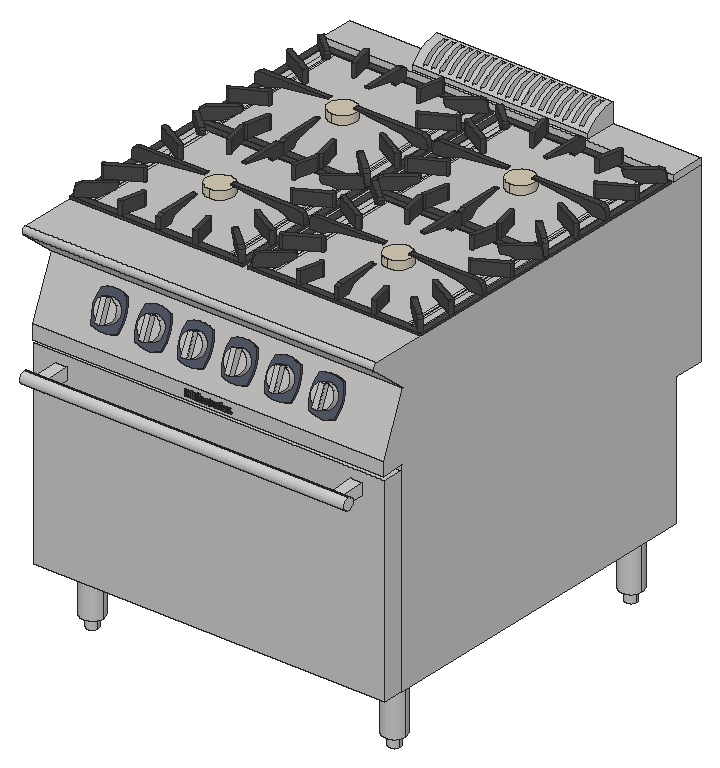
Revit family "QF_ELECTROLUXPROFESSIONAL_391010_E9GCGH4CE0", category Specialty Equipment, Revit 2018
Family settings
  Round Connector Dimension = Use Diameter
  Part Type = Normal
  Work Plane-Based = No
  Always vertical = Yes
  Cut with Voids When Loaded = No
  Shared = No
  Room Calculation Point = No
Parameters
  Weight in Pounds = 115
  Watts = 0 W
  Volts = 400 V
  URL Cutsheet = "www.electrolux.com"
  URL = "www.electrolux.com"
  Type Mark [instance] = ""
  Status [instance] = ""
  Specification by User [instance] = ""
  Specification by Manufacturer = ""
  Show Logo [instance] = yes
  Show Clearance [instance] = yes
  Serial Number = ""
  Seismic Rating = ""
  SMACNA No = ""
  Revision Code [instance] = ""
  Phase = 3
  Omniclass Number and Title = ""
  Number of Poles [instance] = 1
  NAFEM Spec ID Number = ""
  Model = "391010"
  Min Ckt Ampacity = 0 A
  Mechanical Remarks [instance] = ""
  Mechanical Connection Type [instance] = ""
  Max Overcurrent Protection = 0 A
  Masterspec = ""
  Manufacturer = "ELECTROLUX"
  Item Number [instance] = ""
  Installed By [instance] = ""
  Identify Quantity as Lot [instance] = yes
  HP = "8 HP"
  Gas Size = 1/2"
  Gas RI Height [instance] = 0 mm
  Gas KW [instance] = 28
  Gas Input [instance] = 95452.0 Btu/h
  Gas Connection Height = 0 mm
  Furnished By [instance] = ""
  Foodservice Equipment Identifier [instance] = yes
  FL Amps = if(Phase = 3, Watts / (Volts * 1.73), Watts / Volts)  # 0 A
  Electrical Remarks = "400 V/3N ph/50/60 Hz"  # constant formula
  Electric Connection Type [instance] = ""
  Elec Conn RI Height [instance] = 0 mm
  Elec Conn Connection Height [instance] = 0 mm
  Direct Waste Size = 0"
  Description = "900XP 4 GAS BURNERS 6kW ON ELECTRIC OVEN 400V - TEMP 110/285°C"
  Cycle [instance] = if([60 Hertz Option], 60 Hz, 50 Hz)  # 60 Hz
  Conn Plug = ""
  Conn Conduit = yes
  CSI MasterFormat = ""
  CSI Master Format = ""
  Apparent Power = if(Phase = 3, Volts * FL Amps * 1.73, Volts * FL Amps)  # 0 VA
  60 Hertz Option [instance] = not([50 Hertz Option])  # yes
  50 Hertz Option [instance] = no
Reference planes
  plane 1 "BACK": y = 0
  plane 2: z = 0
  plane 3 "LEFT": x = 0
  plane 4 "RIGHT": x = 800.1
  plane 5 "FRONT": y = -930.275
  plane 6 "TOP": z = 909
  plane 7 "Center Y": x = 400.05
  plane 8 "Center X": y = -465.137
  plane 9: z = 150
  plane 10: z = 1397
  plane 11: y = -80.962
  plane 12: z = 851
  plane 13: x = 56
  plane 14: x = 744.1
  plane 15: y = -128
  plane 16: y = -802
  plane 17: y = -1306
  plane 18: y = -900
  plane 19: x = 552.1
  plane 20: x = 757.1
  plane 21: y = -665
Forms (mm)
  Extrusion 1, solid, material "QF_Finishes_Stainless Steel"
    sketch origin (0, 0, 0) x (0, 1, 0) y (0, 0, 1)
      loop
        line (0, 450.037) -> (0, 851) -> (-921.28, 851)
        arc (-921.28, 851) -> (-929.718, 845.109) -> (-927.095, 835.158) r 8.988
        line (-927.095, 835.158) -> (-846.681, 766.933) -> (-902.478, 641.576) -> (-902.478, 610.279) -> (-855.054, 614.975)
        arc (-855.054, 614.975) -> (-852.529, 614.227) -> (-851.437, 611.831) r 3.175
        line (-851.437, 611.831) -> (-851.437, 150) -> (-71.438, 150) -> (-71.438, 450.037) -> (0, 450.037)
    from 0 to 800.1
  Extrusion 2, solid, material "QF_Finishes_Stainless Steel"
    sketch origin (0, 0, 0) x (0, 1, 0) y (0, 0, 1)
      loop
        line (0, 851) -> (0, 865.288) -> (-76.2, 865.288) -> (-76.2, 851) -> (0, 851)
    from 0 to 800.1
  Extrusion 3, void
    sketch origin (-65.011, 0, 865.138) x (-1, 0, 0) y (0, -1, 0)
      loop
        line (-295.005, 6.761) -> (-285.709, 6.761) -> (-285.709, 63.911) -> (-295.005, 63.911) -> (-295.005, 6.761)
      loop
        line (-313.697, 6.761) -> (-304.401, 6.761) -> (-304.401, 63.911) -> (-313.697, 63.911) -> (-313.697, 6.761)
      loop
        line (-332.39, 6.761) -> (-323.094, 6.761) -> (-323.094, 63.911) -> (-332.39, 63.911) -> (-332.39, 6.761)
      loop
        line (-351.082, 6.761) -> (-341.787, 6.761) -> (-341.787, 63.911) -> (-351.082, 63.911) -> (-351.082, 6.761)
      loop
        line (-369.775, 6.761) -> (-360.479, 6.761) -> (-360.479, 63.911) -> (-369.775, 63.911) -> (-369.775, 6.761)
      loop
        line (-388.468, 6.761) -> (-379.172, 6.761) -> (-379.172, 63.911) -> (-388.468, 63.911) -> (-388.468, 6.761)
      loop
        line (-407.16, 6.761) -> (-397.864, 6.761) -> (-397.864, 63.911) -> (-407.16, 63.911) -> (-407.16, 6.761)
      loop
        line (-425.853, 6.761) -> (-416.557, 6.761) -> (-416.557, 63.911) -> (-425.853, 63.911) -> (-425.853, 6.761)
      loop
        line (-444.545, 6.761) -> (-435.25, 6.761) -> (-435.25, 63.911) -> (-444.545, 63.911) -> (-444.545, 6.761)
      loop
        line (-463.238, 6.761) -> (-453.942, 6.761) -> (-453.942, 63.911) -> (-463.238, 63.911) -> (-463.238, 6.761)
      loop
        line (-481.493, 6.761) -> (-472.635, 6.761) -> (-472.635, 63.911) -> (-481.493, 63.911) -> (-481.493, 6.761)
      loop
        line (-500.186, 6.761) -> (-490.89, 6.761) -> (-490.89, 63.911) -> (-500.186, 63.911) -> (-500.186, 6.761)
      loop
        line (-518.878, 6.761) -> (-509.583, 6.761) -> (-509.583, 63.911) -> (-518.878, 63.911) -> (-518.878, 6.761)
      loop
        line (-537.571, 6.761) -> (-528.275, 6.761) -> (-528.275, 63.911) -> (-537.571, 63.911) -> (-537.571, 6.761)
      loop
        line (-556.264, 6.761) -> (-546.968, 6.761) -> (-546.968, 63.911) -> (-556.264, 63.911) -> (-556.264, 6.761)
      loop
        line (-574.956, 6.761) -> (-565.66, 6.761) -> (-565.66, 63.911) -> (-574.956, 63.911) -> (-574.956, 6.761)
      loop
        line (-593.649, 6.761) -> (-584.353, 6.761) -> (-584.353, 63.911) -> (-593.649, 63.911) -> (-593.649, 6.761)
      loop
        line (-612.341, 6.761) -> (-603.046, 6.761) -> (-603.046, 63.911) -> (-612.341, 63.911) -> (-612.341, 6.761)
      loop
        line (-631.034, 6.761) -> (-621.738, 6.761) -> (-621.738, 63.911) -> (-631.034, 63.911) -> (-631.034, 6.761)
      loop
        line (-649.727, 6.761) -> (-640.431, 6.761) -> (-640.431, 63.911) -> (-649.727, 63.911) -> (-649.727, 6.761)
    from 9.525 to 45.348
  Extrusion 4, solid, material "QF_Finishes_Stainless Steel"
    sketch origin (400.05, 175.397, 1219.2) x (0, 1, 0) y (0, 0, 1)
      loop
        line (-175.397, -353.912) -> (-175.397, -310.2)
        arc (-175.397, -310.2) -> (-214.469, -318.821) -> (-245.247, -344.387) r 84.854
        line (-245.247, -344.387) -> (-245.247, -353.912) -> (-175.397, -353.912)
    from -200.05 to 199.95
  Extrusion 5, solid, material "QF_Finishes_Navy Blue"
    sketch origin (0, -879.281, 692.691) x (0, -0.406642, -0.913587) y (1, 0, 0)
      loop
        arc (-53.776, 223.651) -> (-18.194, 216.027) -> (17.514, 223.034) r 90.5
        arc (17.514, 223.034) -> (24.34, 252.222) -> (17.514, 281.409) r 65.817
        arc (17.514, 281.409) -> (-18.193, 288.369) -> (-53.776, 280.797) r 91.066
        arc (-53.776, 280.797) -> (-60.332, 252.224) -> (-53.776, 223.651) r 65.546
      loop
        arc (-53.776, 123.651) -> (-18.194, 116.027) -> (17.514, 123.034) r 90.5
        arc (17.514, 123.034) -> (24.34, 152.222) -> (17.514, 181.409) r 65.817
        arc (17.514, 181.409) -> (-18.193, 188.369) -> (-53.776, 180.797) r 91.066
        arc (-53.776, 180.797) -> (-60.332, 152.224) -> (-53.776, 123.651) r 65.546
      loop
        arc (-53.776, 576.786) -> (-60.332, 548.214) -> (-53.776, 519.641) r 65.546
        arc (-53.776, 519.641) -> (-18.193, 512.068) -> (17.514, 519.028) r 91.066
        arc (17.514, 519.028) -> (24.34, 548.216) -> (17.514, 577.404) r 65.817
        arc (17.514, 577.404) -> (-18.194, 584.411) -> (-53.776, 576.786) r 90.5
      loop
        arc (-53.776, 676.349) -> (-60.237, 647.995) -> (-53.776, 619.641) r 65.451
        arc (-53.776, 619.641) -> (-18.194, 612.032) -> (17.514, 619.025) r 90.665
        arc (17.514, 619.025) -> (24.245, 647.997) -> (17.514, 676.969) r 65.722
        arc (17.514, 676.969) -> (-18.195, 684.01) -> (-53.776, 676.349) r 90.1
      loop
        arc (-53.776, 420.279) -> (-18.194, 412.655) -> (17.514, 419.662) r 90.5
        arc (17.514, 419.662) -> (24.34, 448.849) -> (17.514, 478.037) r 65.817
        arc (17.514, 478.037) -> (-18.193, 484.997) -> (-53.776, 477.424) r 91.066
        arc (-53.776, 477.424) -> (-60.332, 448.852) -> (-53.776, 420.279) r 65.546
      loop
        arc (-53.776, 320.279) -> (-18.194, 312.655) -> (17.514, 319.662) r 90.5
        arc (17.514, 319.662) -> (24.34, 348.849) -> (17.514, 378.037) r 65.817
        arc (17.514, 378.037) -> (-18.193, 384.997) -> (-53.776, 377.424) r 91.066
        arc (-53.776, 377.424) -> (-60.332, 348.852) -> (-53.776, 320.279) r 65.546
    from 0 to 3.175
  Extrusion 6, solid, material "QF_Finishes_Stainless Steel"
    sketch origin (0, -882.182, 693.982) x (0, -0.406642, -0.913587) y (1, 0, 0)
      loop
        circle (-18.131, 252.457) r 25.4
      loop
        circle (-18.131, 152.457) r 25.4
      loop
        circle (-18.131, 547.543) r 25.4
      loop
        circle (-18.131, 647.543) r 25.4
      loop
        circle (-18.131, 349.085) r 25.4
      loop
        circle (-18.131, 449.085) r 25.4
    from 0 to 12.7
  Extrusion 7, solid, material "QF_Finishes_Stainless Steel"
    sketch origin (0, -893.785, 699.146) x (0, -0.406642, -0.913587) y (1, 0, 0)
      loop
        arc (-42.863, 258.243) -> (-43.531, 252.457) -> (-42.863, 246.671) r 25.4
        line (-42.863, 246.671) -> (6.601, 246.671)
        arc (6.601, 246.671) -> (7.269, 252.457) -> (6.601, 258.243) r 25.4
        line (6.601, 258.243) -> (-42.863, 258.243)
      loop
        arc (-42.863, 158.243) -> (-43.531, 152.457) -> (-42.863, 146.671) r 25.4
        line (-42.863, 146.671) -> (6.601, 146.671)
        arc (6.601, 146.671) -> (7.269, 152.457) -> (6.601, 158.243) r 25.4
        line (6.601, 158.243) -> (-42.863, 158.243)
      loop
        arc (-42.863, 553.425) -> (-43.531, 547.639) -> (-42.863, 541.852) r 25.4
        line (-42.863, 541.852) -> (6.601, 541.852)
        arc (6.601, 541.852) -> (7.269, 547.639) -> (6.601, 553.425) r 25.4
        line (6.601, 553.425) -> (-42.863, 553.425)
      loop
        arc (-42.863, 653.425) -> (-43.531, 647.639) -> (-42.863, 641.852) r 25.4
        line (-42.863, 641.852) -> (6.601, 641.852)
        arc (6.601, 641.852) -> (7.269, 647.639) -> (6.601, 653.425) r 25.4
        line (6.601, 653.425) -> (-42.863, 653.425)
      loop
        arc (-42.863, 454.871) -> (-43.531, 449.085) -> (-42.863, 443.299) r 25.4
        line (-42.863, 443.299) -> (6.601, 443.299)
        arc (6.601, 443.299) -> (7.269, 449.085) -> (6.601, 454.871) r 25.4
        line (6.601, 454.871) -> (-42.863, 454.871)
      loop
        arc (-42.863, 354.871) -> (-43.531, 349.085) -> (-42.863, 343.299) r 25.4
        line (-42.863, 343.299) -> (6.601, 343.299)
        arc (6.601, 343.299) -> (7.269, 349.085) -> (6.601, 354.871) r 25.4
        line (6.601, 354.871) -> (-42.863, 354.871)
    from 0 to 12.7
  Extrusion 8, solid, material "QF_Finishes_Navy Blue", visible <- "Show Logo"
    sketch origin (0, -902.478, 610.279) x (0, 0, 1) y (-1, 0, 0)
      loop
        line (21.268, -357.807) -> (8.901, -357.807)
        arc (8.901, -357.807) -> (15.085, -362.379) -> (21.268, -357.807) r 6.467
      loop
        arc (21.268, -357.178) -> (20.099, -352.035) -> (15.443, -349.557) r 6.338
        line (15.443, -349.557) -> (15.443, -351.603)
        arc (15.443, -351.603) -> (16.927, -355.258) -> (20.372, -357.178) r 5.941
        line (20.372, -357.178) -> (21.268, -357.178)
      loop
        arc (9.797, -357.178) -> (13.242, -355.258) -> (14.726, -351.603) r 5.941
        line (14.726, -351.603) -> (14.726, -349.557)
        arc (14.726, -349.557) -> (10.032, -352.031) -> (8.742, -357.178) r 6.504
        line (8.742, -357.178) -> (9.797, -357.178)
      loop
        line (21.943, -349.088) -> (8.198, -349.088) -> (8.198, -362.851) -> (21.943, -362.851) -> (21.943, -349.088)
      loop
        arc (22.026, -365.819) -> (21.679, -365.461) -> (21.312, -365.799) r 0.358
        arc (21.312, -365.799) -> (20.997, -366.549) -> (20.281, -366.934) r 1.216
        line (20.281, -366.934) -> (9.868, -366.934)
        arc (9.868, -366.934) -> (9.208, -366.657) -> (8.812, -366.06) r 1.238
        arc (8.812, -366.06) -> (8.417, -365.809) -> (8.112, -366.163) r 0.358
        line (8.112, -366.163) -> (8.112, -376.042) -> (10.863, -376.042) -> (10.863, -375.145)
        arc (10.863, -375.145) -> (9.954, -374.565) -> (9.498, -373.588) r 1.928
        line (9.498, -373.588) -> (9.498, -371.089)
        arc (9.498, -371.089) -> (9.774, -370.36) -> (10.462, -369.996) r 1.101
        line (10.462, -369.996) -> (14.549, -369.996) -> (14.549, -373.67)
        arc (14.549, -373.67) -> (14.196, -374.167) -> (13.631, -374.395) r 1.083
        arc (13.631, -374.395) -> (13.367, -374.7) -> (13.659, -374.978) r 0.292
        line (13.659, -374.978) -> (16.621, -374.978)
        arc (16.621, -374.978) -> (16.924, -374.705) -> (16.686, -374.375) r 0.305
        arc (16.686, -374.375) -> (16.195, -374.127) -> (15.89, -373.67) r 1.083
        line (15.89, -373.67) -> (15.89, -369.996) -> (20.567, -369.996) -> (20.567, -373.744)
        arc (20.567, -373.744) -> (20.353, -374.499) -> (19.747, -374.997) r 1.314
        arc (19.747, -374.997) -> (19.527, -375.401) -> (19.882, -375.694) r 0.361
        line (19.882, -375.694) -> (22.026, -375.694) -> (22.026, -365.819)
      loop
        arc (21.309, -376.474) -> (20.928, -377.393) -> (20.01, -377.773) r 1.299
        line (20.01, -377.773) -> (10.431, -377.773)
        arc (10.431, -377.773) -> (9.593, -377.395) -> (9.321, -376.517) r 1.118
        line (9.321, -376.517) -> (8.112, -376.517) -> (8.112, -381.867) -> (9.3, -381.867)
        arc (9.3, -381.867) -> (9.572, -380.95) -> (10.442, -380.554) r 1.153
        line (10.442, -380.554) -> (22.514, -380.554) -> (21.309, -376.474)
      loop
        line (13.077, -384.503) -> (13.077, -390.951) -> (13.876, -390.951)
        arc (13.876, -390.951) -> (16.456, -389.966) -> (17.725, -387.513) r 3.874
        line (17.725, -387.513) -> (17.725, -385.752)
        arc (17.725, -385.752) -> (16.538, -382.887) -> (13.674, -381.701) r 4.051
        line (13.674, -381.701) -> (11.666, -381.701)
        arc (11.666, -381.701) -> (8.847, -383.186) -> (7.795, -386.193) r 4.352
        arc (7.795, -386.193) -> (8.16, -388.656) -> (9.537, -390.73) r 5.713
        line (9.537, -390.73) -> (10.486, -390.73)
        arc (10.486, -390.73) -> (9.754, -389.161) -> (9.537, -387.443) r 5.579
        arc (9.537, -387.443) -> (10.331, -385.48) -> (12.21, -384.503) r 3.057
        line (12.21, -384.503) -> (13.077, -384.503)
      loop
        line (14.336, -384.503) -> (14.336, -388.085)
        arc (14.336, -388.085) -> (15.793, -388.133) -> (16.676, -386.973) r 1.59
        line (16.676, -386.973) -> (16.676, -386.143)
        arc (16.676, -386.143) -> (15.811, -384.888) -> (14.336, -384.503) r 2.184
      loop
        arc (17.127, -400.368) -> (17.616, -398.694) -> (17.773, -396.957) r 9.023
        line (17.773, -396.957) -> (17.773, -395.595)
        arc (17.773, -395.595) -> (16.614, -392.795) -> (13.814, -391.636) r 3.959
        line (13.814, -391.636) -> (11.214, -391.636)
        arc (11.214, -391.636) -> (8.932, -392.928) -> (7.815, -395.301) r 4.331
        line (7.815, -395.301) -> (7.815, -397.436)
        arc (7.815, -397.436) -> (8.323, -398.986) -> (9.245, -400.332) r 5.772
        arc (9.245, -400.332) -> (10.006, -400.383) -> (10.093, -399.624) r 0.553
        arc (10.093, -399.624) -> (9.705, -398.89) -> (9.571, -398.071) r 2.573
        line (9.571, -398.071) -> (9.571, -396.556)
        arc (9.571, -396.556) -> (10.577, -394.915) -> (12.392, -394.272) r 2.884
        line (12.392, -394.272) -> (13.67, -394.272)
        arc (13.67, -394.272) -> (15.492, -394.832) -> (16.418, -396.497) r 2.554
        line (16.418, -396.497) -> (16.418, -397.55)
        arc (16.418, -397.55) -> (16.087, -398.478) -> (15.43, -399.213) r 2.564
        arc (15.43, -399.213) -> (15.208, -399.93) -> (15.817, -400.368) r 0.643
        line (15.817, -400.368) -> (17.127, -400.368)
      loop
        line (16.109, -400.638) -> (16.109, -402.139) -> (10.061, -402.139)
        arc (10.061, -402.139) -> (8.473, -402.797) -> (7.815, -404.385) r 2.246
        line (7.815, -404.385) -> (7.815, -405.969)
        arc (7.815, -405.969) -> (8.129, -406.834) -> (8.629, -407.605) r 4.06
        arc (8.629, -407.605) -> (9.362, -407.738) -> (9.613, -407.037) r 0.576
        arc (9.613, -407.037) -> (9.507, -406.512) -> (9.571, -405.979) r 1.69
        arc (9.571, -405.979) -> (10.113, -405.191) -> (11.019, -404.888) r 1.506
        line (11.019, -404.888) -> (16.157, -404.888) -> (16.157, -407.285) -> (16.713, -407.842) -> (17.535, -407.842) -> (17.535, -404.982) -> (20.766, -404.982) -> (16.109, -400.638)
      loop
        line (8.032, -408.739) -> (8.032, -414.126) -> (9.142, -414.126)
        arc (9.142, -414.126) -> (9.536, -413.175) -> (10.487, -412.781) r 1.345
        line (10.487, -412.781) -> (14.103, -412.781)
        arc (14.103, -412.781) -> (14.868, -413.373) -> (15.157, -414.295) r 1.615
        line (15.157, -414.295) -> (15.157, -415.851) -> (17.713, -416.536) -> (17.713, -415.153) -> (15.771, -412.594) -> (17.651, -412.594) -> (17.367, -409.888)
        arc (17.367, -409.888) -> (16.927, -409.358) -> (16.268, -409.559) r 0.621
        arc (16.268, -409.559) -> (15.868, -409.901) -> (15.374, -410.084) r 1.501
        line (15.374, -410.084) -> (10.487, -410.084)
        arc (10.487, -410.084) -> (9.536, -409.69) -> (9.142, -408.739) r 1.345
        line (9.142, -408.739) -> (8.032, -408.739)
      loop
        line (14.134, -416.073) -> (11.442, -416.073)
        arc (11.442, -416.073) -> (8.996, -417.381) -> (7.863, -419.912) r 4.288
        arc (7.863, -419.912) -> (7.799, -421.292) -> (7.863, -422.672) r 15.022
        arc (7.863, -422.672) -> (8.996, -425.203) -> (11.442, -426.51) r 4.288
        line (11.442, -426.51) -> (14.134, -426.51)
        arc (14.134, -426.51) -> (16.579, -425.203) -> (17.713, -422.672) r 4.288
        arc (17.713, -422.672) -> (17.777, -421.292) -> (17.713, -419.912) r 15.022
        arc (17.713, -419.912) -> (16.579, -417.381) -> (14.134, -416.073) r 4.288
      loop
        line (14.339, -419.187) -> (11.237, -419.187)
        arc (11.237, -419.187) -> (9.08, -421.344) -> (11.237, -423.501) r 2.157
        line (11.237, -423.501) -> (14.339, -423.501)
        arc (14.339, -423.501) -> (16.496, -421.344) -> (14.339, -419.187) r 2.157
      loop
        arc (21.32, -426.369) -> (20.949, -427.263) -> (20.055, -427.633) r 1.264
        line (20.055, -427.633) -> (10.191, -427.633)
        arc (10.191, -427.633) -> (9.321, -427.236) -> (9.049, -426.32) r 1.153
        line (9.049, -426.32) -> (8.112, -426.32) -> (8.112, -431.428) -> (9.04, -431.428)
        arc (9.04, -431.428) -> (9.399, -430.656) -> (10.191, -430.341) r 1.153
        line (10.191, -430.341) -> (22.514, -430.341) -> (21.32, -426.369)
      loop
        arc (16.44, -430.966) -> (16.241, -432.03) -> (15.272, -432.512) r 1.215
        line (15.272, -432.512) -> (10.252, -432.512)
        arc (10.252, -432.512) -> (8.637, -433.16) -> (7.916, -434.743) r 2.338
        line (7.916, -434.743) -> (7.916, -436.257)
        arc (7.916, -436.257) -> (8.091, -437.261) -> (8.593, -438.147) r 2.979
        line (8.593, -438.147) -> (8.112, -439.944) -> (8.112, -441.633) -> (17.537, -441.633) -> (17.243, -437.429) -> (16.457, -437.429)
        arc (16.457, -437.429) -> (16.101, -438.265) -> (15.349, -438.774) r 1.605
        line (15.349, -438.774) -> (10.246, -438.774)
        arc (10.246, -438.774) -> (9.826, -437.837) -> (9.753, -436.813) r 2.94
        arc (9.753, -436.813) -> (10.314, -435.712) -> (11.467, -435.269) r 1.724
        line (11.467, -435.269) -> (17.664, -435.269) -> (16.44, -430.966)
      loop
        line (17.468, -442.486) -> (15.796, -444.532) -> (12.622, -446.838) -> (9.166, -443.726)
        arc (9.166, -443.726) -> (8.928, -443.332) -> (8.951, -442.873) r 0.789
        line (8.951, -442.873) -> (8.112, -442.873) -> (8.112, -446.418) -> (8.938, -446.418)
        arc (8.938, -446.418) -> (9.28, -446.056) -> (9.77, -446.148) r 0.52
        line (9.77, -446.148) -> (11.57, -447.619) -> (9.452, -448.995)
        arc (9.452, -448.995) -> (9.051, -448.685) -> (8.964, -448.185) r 0.7
        line (8.964, -448.185) -> (8.112, -448.185) -> (8.112, -454.112) -> (8.998, -454.112)
        arc (8.998, -454.112) -> (9.065, -453.453) -> (9.46, -452.922) r 1.247
        line (9.46, -452.922) -> (13.66, -449.641) -> (16.107, -451.694) -> (17.468, -453.436) -> (17.468, -449.713) -> (15.983, -450.135) -> (14.462, -448.858) -> (16.162, -447.668) -> (17.468, -448.445) -> (17.468, -442.486)
    from 0 to 1.644
  Extrusion 9, solid, material "QF_Finishes_Stainless Steel"
    sketch origin (0, -851.437, 611.831) x (0, 0, -1) y (1, 0, 0)
      loop
        line (461.056, 0) -> (461.056, 800) -> (9.61, 800) -> (9.61, 0) -> (461.056, 0)
    from 3.175 to 48.563
  Extrusion 10, solid, material "QF_Door-Drawer Clearances", visible <- "Show Clearance", detail levels coarse
    sketch origin (800, -851.437, 150.775) x (0, 0, 1) y (0, -1, 0)
      loop
        line (0, 454.563) -> (0, 48.563) -> (451.635, 48.563)
        arc (451.635, 48.563) -> (296.232, 329.892) -> (0, 454.563) r 490.361
    from 0 to -800
  Extrusion 11, solid, material "QF_Clearances", visible <- "Show Clearance", detail levels coarse
    sketch origin (0, 0, 0) x (1, 0, 0) y (0, 1, 0)
      loop
        line (-100.013, -930.275) -> (0, -930.275) -> (0, 0) -> (800.1, 0) -> (800.1, -930.275) -> (900.113, -930.275) -> (900.113, 100.013) -> (-100.013, 100.013) -> (-100.013, -930.275)
    from 0 to 909
  Revolve 12, solid, material "QF_Finishes_Stainless Steel"
    sketch origin (800.1, -128, 611.731) x (0, 0, -1) y (1, 0, 0)
      loop
        line (461.731, -56) -> (611.731, -56) -> (611.731, -43.3) -> (586.331, -43.3) -> (586.331, -30.6) -> (461.731, -30.6) -> (461.731, -56)
      axis (611.731, -56) -> (461.731, -56)
    angle from 0 to 360
  Revolve 13, solid, material "QF_Finishes_Stainless Steel"
    sketch origin (111.125, -128, 611.731) x (0, 0, -1) y (1, 0, 0)
      loop
        line (461.731, -55.125) -> (611.731, -55.125) -> (611.731, -42.425) -> (586.331, -42.425) -> (586.331, -29.725) -> (461.731, -29.725) -> (461.731, -55.125)
      axis (611.731, -55.125) -> (461.731, -55.125)
    angle from 0 to 360
  Revolve 14, solid, material "QF_Finishes_Stainless Steel"
    sketch origin (800.1, -802, 611.731) x (0, 0, -1) y (1, 0, 0)
      loop
        line (461.731, -56) -> (611.731, -56) -> (611.731, -43.3) -> (586.331, -43.3) -> (586.331, -30.6) -> (461.731, -30.6) -> (461.731, -56)
      axis (611.731, -56) -> (461.731, -56)
    angle from 0 to 360
  Revolve 15, solid, material "QF_Finishes_Stainless Steel"
    sketch origin (111.125, -802, 611.731) x (0, 0, -1) y (1, 0, 0)
      loop
        line (461.731, -55.125) -> (611.731, -55.125) -> (611.731, -42.425) -> (586.331, -42.425) -> (586.331, -29.725) -> (461.731, -29.725) -> (461.731, -55.125)
      axis (611.731, -55.125) -> (461.731, -55.125)
    angle from 0 to 360
  Extrusion 16, solid, material "QF_Finishes_Handrails and Railings"
    sketch origin (50.8, -1067.312, 150) x (0, 0, 1) y (0, 1, 0)
      loop
        circle (421.409, 103.146) r 12.7
    from 19.875 to -718.375
  Extrusion 17, solid, material "QF_Finishes_Handrails and Railings"
    sketch origin (800, -1067.312, 150) x (0, 0, 1) y (0, -1, 0)
      loop
        line (430.101, -167.312) -> (427.396, -114.347)
        arc (427.396, -114.347) -> (413.589, -113.153) -> (409.093, -100.044) r 12.7
        arc (409.093, -100.044) -> (408.276, -100.585) -> (407.501, -101.183) r 13.441
        arc (407.501, -101.183) -> (406.055, -102.989) -> (405.435, -105.216) r 5.77
        line (405.435, -105.216) -> (402.092, -167.312) -> (430.101, -167.312)
    from -50.7 to -76.1
  Extrusion 18, solid, material "QF_Finishes_Handrails and Railings"
    sketch origin (0.1, -1067.312, 150) x (0, 0, 1) y (0, 1, 0)
      loop
        line (430.101, 167.312) -> (402.092, 167.312) -> (405.435, 105.216)
        arc (405.435, 105.216) -> (406.055, 102.989) -> (407.501, 101.183) r 5.77
        arc (407.501, 101.183) -> (408.276, 100.585) -> (409.093, 100.044) r 13.441
        arc (409.093, 100.044) -> (413.589, 113.153) -> (427.396, 114.347) r 12.7
        line (427.396, 114.347) -> (430.101, 167.312)
    from -50.7 to -76.1
  Extrusion 19, solid, material "QF_Finishes_Stainless Steel"
    sketch origin (0, -851.437, 150) x (1, 0, 0) y (0, -1, 0)
      loop
        circle (757.1, -91.437) r 12.7
    from 0 to 4
  Extrusion 20, solid, material "QF_Finishes_Stainless Steel"
    sketch origin (0, -851.437, 150) x (1, 0, 0) y (0, -1, 0)
      loop
        circle (749.1, -186.437) r 6.4
    from 0 to 21
  Extrusion 21, solid, material "QF_Finishes_Stainless Steel"
    sketch origin (0, -851.437, 150) x (1, 0, 0) y (0, -1, 0)
      loop
        circle (649.1, -316.437) r 12.7
    from 0 to 3
Cuts and joins
  Extrusion 3 cuts Extrusion 4
Lines and regions (mm)
  Split face 1
    outline origin (0, -846.681, 766.933) x (0, -0.406642, -0.913587) y (1, 0, 0)
      loop
        circle (14.837, 511.387) r 5
  Split face 2
    outline origin (800.1, -846.681, 766.933) x (0, -0.406642, -0.913587) y (1, 0, 0)
      loop
        circle (14.837, -511.387) r 5
  symbolic lines, style "QF_Clearances", visible <- "Show Clearance", detail levels coarse
    curve 1: line (-100.013, -930.275, 0) -> (-100.012, 100.013, 0)
    curve 2: line (-100.013, 100.013, 0) -> (900.113, 100.013, 0)
    curve 3: line (900.113, 100.013, 0) -> (900.113, -929.879, 0)
  symbolic lines
    curve 4: line (0, 0, 0) -> (800.1, 0, 0)
    curve 5: line (800.1, 0, 0) -> (800.1, -930.275, 0)
    curve 6: line (0, -930.275, 0) -> (0, 0, 0)
    curve 7: line (0, -76.2, 0) -> (800.1, -76.2, 0)
    curve 8: line (0, -930.275, 0) -> (800.1, -930.275, 0)
    curve 13: line (50.8, -967.268, 0) -> (50.8, -930.275, 0)
    curve 14: line (50.8, -967.268, 0) -> (76.2, -967.268, 0)
    curve 15: line (76.2, -967.268, 0) -> (76.2, -930.275, 0)
    curve 16: line (30.925, -951.466, 0) -> (30.925, -976.866, 0)
    curve 17: line (30.925, -976.866, 0) -> (769.175, -976.866, 0)
    curve 18: line (769.175, -976.866, 0) -> (769.175, -951.466, 0)
    curve 19: line (769.175, -951.466, 0) -> (749.3, -951.466, 0)
    curve 20: line (749.3, -967.268, 0) -> (749.3, -930.275, 0)
    curve 21: line (723.9, -930.275, 0) -> (723.9, -967.268, 0)
    curve 22: line (723.9, -967.268, 0) -> (749.3, -967.268, 0)
    curve 23: line (76.2, -951.468, 0) -> (723.9, -951.468, 0)
    curve 24: line (200, -69.85, 0) -> (600, -69.85, 0)
    curve 25: line (220.698, -63.911, 0) -> (220.698, -6.761, 0)
    curve 26: line (220.698, -6.761, 0) -> (229.994, -6.761, 0)
    curve 27: line (229.994, -6.761, 0) -> (229.994, -63.911, 0)
    curve 28: line (229.994, -63.911, 0) -> (220.698, -63.911, 0)
    curve 29: line (239.39, -63.911, 0) -> (239.39, -6.761, 0)
    curve 30: line (239.39, -6.761, 0) -> (248.686, -6.761, 0)
    curve 31: line (248.686, -6.761, 0) -> (248.686, -63.911, 0)
    curve 32: line (248.686, -63.911, 0) -> (239.39, -63.911, 0)
    curve 33: line (258.083, -63.911, 0) -> (258.083, -6.761, 0)
    curve 34: line (258.083, -6.761, 0) -> (267.379, -6.761, 0)
    curve 35: line (267.379, -6.761, 0) -> (267.379, -63.911, 0)
    curve 36: line (267.379, -63.911, 0) -> (258.083, -63.911, 0)
    curve 37: line (276.776, -63.911, 0) -> (276.776, -6.761, 0)
    curve 38: line (276.776, -6.761, 0) -> (286.071, -6.761, 0)
    curve 39: line (286.071, -6.761, 0) -> (286.071, -63.911, 0)
    curve 40: line (286.071, -63.911, 0) -> (276.776, -63.911, 0)
    curve 41: line (295.468, -63.911, 0) -> (295.468, -6.761, 0)
    curve 42: line (295.468, -6.761, 0) -> (304.764, -6.761, 0)
    curve 43: line (304.764, -6.761, 0) -> (304.764, -63.911, 0)
    curve 44: line (304.764, -63.911, 0) -> (295.468, -63.911, 0)
    curve 45: line (314.161, -63.911, 0) -> (314.161, -6.761, 0)
    curve 46: line (314.161, -6.761, 0) -> (323.457, -6.761, 0)
    curve 47: line (323.457, -6.761, 0) -> (323.457, -63.911, 0)
    curve 48: line (323.457, -63.911, 0) -> (314.161, -63.911, 0)
    curve 49: line (332.854, -63.911, 0) -> (332.854, -6.761, 0)
    curve 50: line (332.854, -6.761, 0) -> (342.149, -6.761, 0)
    curve 51: line (342.149, -6.761, 0) -> (342.149, -63.911, 0)
    curve 52: line (342.149, -63.911, 0) -> (332.854, -63.911, 0)
    curve 53: line (351.546, -63.911, 0) -> (351.546, -6.761, 0)
    curve 54: line (351.546, -6.761, 0) -> (360.842, -6.761, 0)
    curve 55: line (360.842, -6.761, 0) -> (360.842, -63.911, 0)
    curve 56: line (360.842, -63.911, 0) -> (351.546, -63.911, 0)
    curve 57: line (370.239, -63.911, 0) -> (370.239, -6.761, 0)
    curve 58: line (370.239, -6.761, 0) -> (379.534, -6.761, 0)
    curve 59: line (379.534, -6.761, 0) -> (379.534, -63.911, 0)
    curve 60: line (379.534, -63.911, 0) -> (370.239, -63.911, 0)
    curve 61: line (388.931, -63.911, 0) -> (388.931, -6.761, 0)
    curve 62: line (388.931, -6.761, 0) -> (398.227, -6.761, 0)
    curve 63: line (398.227, -6.761, 0) -> (398.227, -63.911, 0)
    curve 64: line (398.227, -63.911, 0) -> (388.931, -63.911, 0)
    curve 65: line (407.624, -63.911, 0) -> (407.624, -6.761, 0)
    curve 66: line (407.624, -6.761, 0) -> (416.482, -6.761, 0)
    curve 67: line (416.482, -6.761, 0) -> (416.482, -63.911, 0)
    curve 68: line (416.482, -63.911, 0) -> (407.624, -63.911, 0)
    curve 69: line (425.879, -63.911, 0) -> (425.879, -6.761, 0)
    curve 70: line (425.879, -6.761, 0) -> (435.175, -6.761, 0)
    curve 71: line (435.175, -6.761, 0) -> (435.175, -63.911, 0)
    curve 72: line (435.175, -63.911, 0) -> (425.879, -63.911, 0)
    curve 73: line (444.572, -63.911, 0) -> (444.572, -6.761, 0)
    curve 74: line (444.572, -6.761, 0) -> (453.867, -6.761, 0)
    curve 75: line (453.867, -6.761, 0) -> (453.867, -63.911, 0)
    curve 76: line (453.867, -63.911, 0) -> (444.572, -63.911, 0)
    curve 77: line (463.264, -63.911, 0) -> (463.264, -6.761, 0)
    curve 78: line (463.264, -6.761, 0) -> (472.56, -6.761, 0)
    curve 79: line (472.56, -6.761, 0) -> (472.56, -63.911, 0)
    curve 80: line (472.56, -63.911, 0) -> (463.264, -63.911, 0)
    curve 81: line (481.957, -63.911, 0) -> (481.957, -6.761, 0)
    curve 82: line (481.957, -6.761, 0) -> (491.253, -6.761, 0)
    curve 83: line (491.253, -6.761, 0) -> (491.253, -63.911, 0)
    curve 84: line (491.253, -63.911, 0) -> (481.957, -63.911, 0)
    curve 85: line (500.65, -63.911, 0) -> (500.65, -6.761, 0)
    curve 86: line (500.65, -6.761, 0) -> (509.945, -6.761, 0)
    curve 87: line (509.945, -6.761, 0) -> (509.945, -63.911, 0)
    curve 88: line (509.945, -63.911, 0) -> (500.65, -63.911, 0)
    curve 89: line (519.342, -63.911, 0) -> (519.342, -6.761, 0)
    curve 90: line (519.342, -6.761, 0) -> (528.638, -6.761, 0)
    curve 91: line (528.638, -6.761, 0) -> (528.638, -63.911, 0)
    curve 92: line (528.638, -63.911, 0) -> (519.342, -63.911, 0)
    curve 93: line (538.035, -63.911, 0) -> (538.035, -6.761, 0)
    curve 94: line (538.035, -6.761, 0) -> (547.33, -6.761, 0)
    curve 95: line (547.33, -6.761, 0) -> (547.33, -63.911, 0)
    curve 96: line (547.33, -63.911, 0) -> (538.035, -63.911, 0)
    curve 97: line (556.727, -63.911, 0) -> (556.727, -6.761, 0)
    curve 98: line (556.727, -6.761, 0) -> (566.023, -6.761, 0)
    curve 99: line (566.023, -6.761, 0) -> (566.023, -63.911, 0)
    curve 100: line (566.023, -63.911, 0) -> (556.727, -63.911, 0)
    curve 101: line (575.42, -63.911, 0) -> (575.42, -6.761, 0)
    curve 102: line (575.42, -6.761, 0) -> (584.716, -6.761, 0)
    curve 103: line (584.716, -6.761, 0) -> (584.716, -63.911, 0)
    curve 104: line (584.716, -63.911, 0) -> (575.42, -63.911, 0)
    curve 105: line (600, -69.85, 0) -> (600, 0, 0)
    curve 106: line (200, 0, 0) -> (200, -69.85, 0)
  symbolic lines, style "QF_Door-Drawer Clearances"
    curve 9: line (800.1, -930.275, 0) -> (800.1, -1306, 0)
    curve 10: line (800.1, -1306, 0) -> (0, -1306, 0)
    curve 11: line (0, -930.275, 0) -> (0, -1306, 0)
  symbolic lines, style "SpecialityEquipment"
    curve 12: line (30.925, -951.466, 0) -> (50.8, -951.466, 0)
Dimensions and locks
  equal spacing: plane 3 "LEFT", plane 7 "Center Y", plane 4 "RIGHT"
  plane 3 "LEFT" to plane 4 "RIGHT" = 800.1 mm
  equal spacing: plane 5 "FRONT", plane 8 "Center X", plane 1 "BACK"
  plane 5 "FRONT" to plane 1 "BACK" = 930.275 mm  (x3)
  plane 6 "TOP" to plane 2 = 909 mm
  plane 9 to plane 2 = 150 mm
  plane 10 to plane 2 = 1397 mm
  plane 6 "TOP" to plane 12 = 58 mm  (x2)
  plane 12 to plane 2 = 851 mm
  plane 3 "LEFT" to plane 13 = 56 mm
  plane 4 "RIGHT" to plane 14 = 56 mm
  plane 15 to plane 1 "BACK" = 128 mm
  plane 16 to plane 15 = 674 mm
  Extrusion 1 sketch curve to plane 1 "BACK" = 71.438 mm
  Extrusion 1 sketch curve to plane 9 = 300.037 mm
  plane 17 to plane 1 "BACK" = 1306 mm
  plane 18 to plane 1 "BACK" = 900 mm
  plane 18 to plane 16 = 98 mm
  plane 9 to Extrusion 1 = 300.037 mm
  plane 4 "RIGHT" to plane 19 = 248 mm
  plane 4 "RIGHT" to plane 20 = 43 mm
  plane 13 to plane 14 = 688.1 mm
  plane 21 to plane 1 "BACK" = 665 mm
  Extrusion 19 sketch curve to plane 4 "RIGHT" = 43 mm
  Extrusion 19 sketch curve to plane 1 "BACK" = 760 mm
  plane 2 to Extrusion 20 = 129 mm
  aligned and locked: level to plane 2
  aligned and locked: Extrusion 1 to plane 4 "RIGHT"
  aligned and locked: Extrusion 2 to plane 4 "RIGHT"
  aligned and locked: Extrusion 10 to Extrusion 9
  aligned and locked: plane 6 "TOP" to Extrusion 11
Automatic sketch dimensions
  Extrusion 2 sketch curve to plane 12 = 0 mm
  Extrusion 2 sketch curve to plane 1 "BACK" = 0 mm
  plane 11 to Extrusion 2 sketch curve = 4.763 mm
  plane 12 to Extrusion 2 sketch curve = 14.288 mm
  plane 19 to Extrusion 3 sketch curve = 32.616 mm
  Extrusion 3 sketch curve to Extrusion 3 sketch curve = 9.296 mm  (x18)
  Extrusion 3 sketch curve to Extrusion 3 sketch curve = 9.397 mm  (x17)
  plane 19 to Extrusion 3 sketch curve = 4.627 mm
  Extrusion 3 sketch curve to plane 19 = 4.77 mm
  plane 7 "Center Y" to Extrusion 3 sketch curve = 7.574 mm
  Extrusion 3 sketch curve to plane 7 "Center Y" = 1.823 mm
  plane 1 "BACK" to Extrusion 3 sketch curve = 6.761 mm  (x20)
  plane 11 to Extrusion 3 sketch curve = 17.052 mm  (x20)
  Extrusion 4 sketch curve to plane 1 "BACK" = 0 mm
  Extrusion 4 sketch curve to plane 6 "TOP" = 0 mm
  plane 1 "BACK" to Extrusion 4 sketch curve = 1.769 mm
  plane 11 to Extrusion 4 sketch curve = 11.113 mm
  Extrusion 4 sketch curve to plane 6 "TOP" = 34.187 mm
  Extrusion 4 sketch curve to Extrusion 4 sketch curve = 9.525 mm
  plane 19 to Extrusion 5 sketch curve = 67.541 mm
  Extrusion 5 sketch curve to plane 13 = 167.651 mm
  Extrusion 5 sketch curve to Extrusion 5 sketch curve = 0 mm  (x16)
  Extrusion 5 sketch curve to plane 7 "Center Y" = 22.626 mm
  Extrusion 5 sketch curve to plane 19 = 32.459 mm
  plane 7 "Center Y" to Extrusion 5 sketch curve = 20.229 mm
  plane 19 to Extrusion 5 sketch curve = 24.686 mm
  Extrusion 5 sketch curve to Extrusion 5 sketch curve = 12.3 mm  (x18)
  Extrusion 5 sketch curve to plane 19 = 3.884 mm
  Extrusion 5 sketch curve to Extrusion 5 sketch curve = 36.365 mm  (x7)
  plane 7 "Center Y" to Extrusion 5 sketch curve = 3.101 mm
  Extrusion 5 sketch curve to plane 7 "Center Y" = 6.115 mm
  Extrusion 5 sketch curve to Extrusion 5 sketch curve = 46.691 mm  (x6)
  plane 7 "Center Y" to Extrusion 5 sketch curve = 19.612 mm
  Extrusion 5 sketch curve to plane 7 "Center Y" = 22.013 mm
  Extrusion 5 sketch curve to Extrusion 5 sketch curve = 0.617 mm
  Extrusion 5 sketch curve to Extrusion 5 sketch curve = 16.51 mm  (x2)
  Extrusion 5 sketch curve to Extrusion 5 sketch curve = 9.217 mm  (x2)
  Extrusion 5 sketch curve to Extrusion 5 sketch curve = 15.898 mm
  Extrusion 5 sketch curve to Extrusion 5 sketch curve = 29.185 mm
  Extrusion 5 sketch curve to Extrusion 5 sketch curve = 28.57 mm  (x2)
  Extrusion 5 sketch curve to Extrusion 5 sketch curve = 13.138 mm
  Extrusion 5 sketch curve to Extrusion 5 sketch curve = 9.238 mm
  Extrusion 5 sketch curve to Extrusion 5 sketch curve = 15.894 mm
  Extrusion 5 sketch curve to Extrusion 5 sketch curve = 28.97 mm
  Extrusion 6 sketch curve to Extrusion 6 sketch curve = 0 mm  (x5)
  Extrusion 6 sketch curve to Extrusion 6 sketch curve = 100 mm  (x3)
  Extrusion 6 sketch curve to Extrusion 6 sketch curve = 96.628 mm
  Extrusion 6 sketch curve to Extrusion 6 sketch curve = 98.458 mm
  Extrusion 7 sketch curve to Extrusion 7 sketch curve = 0 mm  (x12)
  Extrusion 7 sketch curve to Extrusion 7 sketch curve = 24.732 mm  (x8)
  Extrusion 7 sketch curve to Extrusion 7 sketch curve = 86.982 mm
  Extrusion 7 sketch curve to Extrusion 7 sketch curve = 5.786 mm  (x2)
  Extrusion 7 sketch curve to Extrusion 7 sketch curve = 88.428 mm
  Extrusion 8 sketch curve to Extrusion 1 = 2.755 mm
  Extrusion 8 sketch curve to Extrusion 1 = 7.795 mm
  Extrusion 8 sketch curve to Extrusion 1 = 7.815 mm  (x2)
  Extrusion 8 sketch curve to Extrusion 8 sketch curve = 5.108 mm  (x2)
  Extrusion 8 sketch curve to Extrusion 8 sketch curve = 0 mm  (x27)
  Extrusion 8 sketch curve to Extrusion 1 = 7.916 mm
  Extrusion 8 sketch curve to Extrusion 8 sketch curve = 0.218 mm
  Extrusion 8 sketch curve to Extrusion 8 sketch curve = 0.195 mm
  Extrusion 8 sketch curve to Extrusion 8 sketch curve = 0.249 mm
  Extrusion 8 sketch curve to Extrusion 1 = 8.112 mm
  Extrusion 8 sketch curve to Extrusion 8 sketch curve = 0.087 mm
  Extrusion 8 sketch curve to Extrusion 8 sketch curve = 0.358 mm
  Extrusion 8 sketch curve to Extrusion 8 sketch curve = 0.481 mm
  Extrusion 8 sketch curve to Extrusion 8 sketch curve = 0.597 mm
  Extrusion 8 sketch curve to Extrusion 8 sketch curve = 0.544 mm
  Extrusion 8 sketch curve to Extrusion 8 sketch curve = 0.936 mm
  Extrusion 8 sketch curve to Extrusion 8 sketch curve = 0.594 mm
  Extrusion 8 sketch curve to Extrusion 8 sketch curve = 0.343 mm
  Extrusion 8 sketch curve to Extrusion 8 sketch curve = 0.159 mm
  Extrusion 8 sketch curve to Extrusion 8 sketch curve = 0.826 mm
  Extrusion 8 sketch curve to Extrusion 8 sketch curve = 0.839 mm
  Extrusion 8 sketch curve to Extrusion 8 sketch curve = 0.852 mm
  Extrusion 8 sketch curve to Extrusion 8 sketch curve = 0.887 mm
  Extrusion 8 sketch curve to Extrusion 8 sketch curve = 0.928 mm
  Extrusion 8 sketch curve to Extrusion 8 sketch curve = 0.938 mm
  Extrusion 8 sketch curve to Extrusion 8 sketch curve = 0.444 mm
  Extrusion 8 sketch curve to Extrusion 8 sketch curve = 1.11 mm  (x3)
  Extrusion 8 sketch curve to Extrusion 8 sketch curve = 0.215 mm
  Extrusion 8 sketch curve to Extrusion 8 sketch curve = 1.43 mm
  Extrusion 8 sketch curve to Extrusion 8 sketch curve = 1.188 mm
  Extrusion 8 sketch curve to Extrusion 8 sketch curve = 1.21 mm  (x2)
  Extrusion 8 sketch curve to Extrusion 8 sketch curve = 0.503 mm
  Extrusion 8 sketch curve to Extrusion 8 sketch curve = 0.488 mm
  Extrusion 8 sketch curve to Extrusion 8 sketch curve = 0.462 mm
  Extrusion 8 sketch curve to Extrusion 8 sketch curve = 1.386 mm
  Extrusion 8 sketch curve to Extrusion 8 sketch curve = 1.742 mm  (x2)
  Extrusion 8 sketch curve to Extrusion 8 sketch curve = 0.821 mm
  Extrusion 8 sketch curve to Extrusion 8 sketch curve = 0.497 mm
  Extrusion 8 sketch curve to Extrusion 8 sketch curve = 0.539 mm
  Extrusion 8 sketch curve to Extrusion 8 sketch curve = 0.199 mm
  Extrusion 8 sketch curve to Extrusion 8 sketch curve = 0.408 mm
  Extrusion 8 sketch curve to Extrusion 8 sketch curve = 0.743 mm
  Extrusion 8 sketch curve to Extrusion 8 sketch curve = 1.16 mm
  Extrusion 8 sketch curve to Extrusion 8 sketch curve = 0.329 mm
  Extrusion 8 sketch curve to Extrusion 8 sketch curve = 1.054 mm
  Extrusion 8 sketch curve to Extrusion 8 sketch curve = 1.056 mm
  Extrusion 8 sketch curve to Extrusion 8 sketch curve = 0.129 mm
  Extrusion 8 sketch curve to Extrusion 8 sketch curve = 0.489 mm
  Extrusion 8 sketch curve to Extrusion 8 sketch curve = 0.441 mm
  Extrusion 8 sketch curve to Extrusion 8 sketch curve = 1.151 mm
  Extrusion 8 sketch curve to Extrusion 8 sketch curve = 1.141 mm  (x2)
  Extrusion 8 sketch curve to Extrusion 8 sketch curve = 0.768 mm
  Extrusion 8 sketch curve to Extrusion 8 sketch curve = 1.653 mm
  Extrusion 8 sketch curve to Extrusion 8 sketch curve = 0.499 mm
  Extrusion 8 sketch curve to Extrusion 8 sketch curve = 0.964 mm
  Extrusion 8 sketch curve to Extrusion 8 sketch curve = 0.949 mm
  Extrusion 8 sketch curve to Extrusion 8 sketch curve = 1.345 mm  (x3)
  Extrusion 8 sketch curve to Extrusion 8 sketch curve = 1.101 mm
  Extrusion 8 sketch curve to Extrusion 8 sketch curve = 0.432 mm
  Extrusion 8 sketch curve to Extrusion 8 sketch curve = 1.142 mm
  Extrusion 8 sketch curve to Extrusion 8 sketch curve = 0.959 mm
  Extrusion 8 sketch curve to Extrusion 8 sketch curve = 0.176 mm
  Extrusion 8 sketch curve to Extrusion 8 sketch curve = 0.728 mm
  Extrusion 8 sketch curve to Extrusion 8 sketch curve = 3.375 mm  (x2)
  Extrusion 8 sketch curve to Extrusion 8 sketch curve = 0.541 mm
  Extrusion 8 sketch curve to Extrusion 8 sketch curve = 0.955 mm
  Extrusion 8 sketch curve to Extrusion 8 sketch curve = 1.251 mm
  Extrusion 8 sketch curve to Extrusion 8 sketch curve = 0.572 mm
  Extrusion 8 sketch curve to Extrusion 8 sketch curve = 1.92 mm
  Extrusion 8 sketch curve to Extrusion 8 sketch curve = 1.224 mm
  Extrusion 8 sketch curve to Extrusion 8 sketch curve = 0.745 mm
  Extrusion 8 sketch curve to Extrusion 8 sketch curve = 2.537 mm
  Extrusion 8 sketch curve to Extrusion 8 sketch curve = 0.896 mm  (x3)
  Extrusion 8 sketch curve to Extrusion 8 sketch curve = 0.036 mm
  Extrusion 8 sketch curve to Extrusion 8 sketch curve = 2.607 mm
  Extrusion 8 sketch curve to Extrusion 8 sketch curve = 0.066 mm
  Extrusion 8 sketch curve to Extrusion 8 sketch curve = 0.248 mm
  Extrusion 8 sketch curve to Extrusion 8 sketch curve = 0.449 mm
  Extrusion 8 sketch curve to Extrusion 8 sketch curve = 1.052 mm
  Extrusion 8 sketch curve to Extrusion 8 sketch curve = 1.863 mm
  Extrusion 8 sketch curve to Extrusion 8 sketch curve = 1.31 mm  (x2)
  Extrusion 8 sketch curve to Extrusion 8 sketch curve = 0.901 mm
  Extrusion 8 sketch curve to Extrusion 8 sketch curve = 1.107 mm
  Extrusion 8 sketch curve to Extrusion 8 sketch curve = 2.122 mm
  Extrusion 8 sketch curve to Extrusion 8 sketch curve = 2.101 mm
  Extrusion 8 sketch curve to Extrusion 8 sketch curve = 0.106 mm
  Extrusion 8 sketch curve to Extrusion 8 sketch curve = 0.029 mm
  Extrusion 8 sketch curve to Extrusion 8 sketch curve = 2.09 mm
  Extrusion 8 sketch curve to Extrusion 8 sketch curve = 1.279 mm
  Extrusion 8 sketch curve to Extrusion 8 sketch curve = 2.008 mm
  Extrusion 8 sketch curve to Extrusion 8 sketch curve = 0.738 mm
  Extrusion 8 sketch curve to Extrusion 8 sketch curve = 0.382 mm
  Extrusion 8 sketch curve to Extrusion 8 sketch curve = 0.384 mm
  Extrusion 8 sketch curve to Extrusion 8 sketch curve = 0.002 mm
  Extrusion 8 sketch curve to Extrusion 8 sketch curve = 0.561 mm
  Extrusion 8 sketch curve to Extrusion 8 sketch curve = 0.592 mm
  Extrusion 8 sketch curve to Extrusion 8 sketch curve = 2.692 mm
  Extrusion 8 sketch curve to Extrusion 8 sketch curve = 1.259 mm
  Extrusion 8 sketch curve to Extrusion 8 sketch curve = 0.802 mm
  Extrusion 8 sketch curve to Extrusion 8 sketch curve = 1.024 mm  (x2)
  Extrusion 8 sketch curve to Extrusion 8 sketch curve = 0.682 mm
  Extrusion 8 sketch curve to Extrusion 8 sketch curve = 5.934 mm
  Extrusion 8 sketch curve to Extrusion 8 sketch curve = 2.186 mm
  Extrusion 8 sketch curve to Extrusion 8 sketch curve = 0.337 mm
  Extrusion 8 sketch curve to Extrusion 8 sketch curve = 0.021 mm
  Extrusion 8 sketch curve to Extrusion 8 sketch curve = 1.005 mm
  Extrusion 8 sketch curve to Extrusion 8 sketch curve = 0.552 mm
  Extrusion 8 sketch curve to Extrusion 8 sketch curve = 0.778 mm
  Extrusion 8 sketch curve to Extrusion 8 sketch curve = 0.063 mm
  Extrusion 8 sketch curve to Extrusion 8 sketch curve = 1.023 mm
  Extrusion 8 sketch curve to Extrusion 8 sketch curve = 3.804 mm
  Extrusion 8 sketch curve to Extrusion 8 sketch curve = 0.486 mm
  Extrusion 8 sketch curve to Extrusion 8 sketch curve = 0.266 mm
  Extrusion 8 sketch curve to Extrusion 8 sketch curve = 1.547 mm
  Extrusion 8 sketch curve to Extrusion 8 sketch curve = 0.717 mm  (x2)
  Extrusion 8 sketch curve to Extrusion 8 sketch curve = 1.667 mm
  Extrusion 8 sketch curve to Extrusion 8 sketch curve = 3.174 mm
  Extrusion 8 sketch curve to Extrusion 8 sketch curve = 0.388 mm
  Extrusion 8 sketch curve to Extrusion 8 sketch curve = 1.342 mm
  Extrusion 8 sketch curve to Extrusion 8 sketch curve = 1.521 mm
  Extrusion 8 sketch curve to Extrusion 8 sketch curve = 0.124 mm
  Extrusion 8 sketch curve to Extrusion 8 sketch curve = 0.291 mm
  Extrusion 8 sketch curve to Extrusion 8 sketch curve = 1.049 mm  (x2)
  Extrusion 8 sketch curve to Extrusion 8 sketch curve = 1.7 mm
  Extrusion 8 sketch curve to Extrusion 8 sketch curve = 0.894 mm
  Extrusion 8 sketch curve to Extrusion 8 sketch curve = 0.989 mm
  Extrusion 8 sketch curve to Extrusion 8 sketch curve = 1.168 mm
  Extrusion 8 sketch curve to Extrusion 8 sketch curve = 1.594 mm
  Extrusion 8 sketch curve to Extrusion 8 sketch curve = 0.731 mm
  Extrusion 8 sketch curve to Extrusion 8 sketch curve = 1.566 mm
  Extrusion 8 sketch curve to Extrusion 8 sketch curve = 0.064 mm
  Extrusion 8 sketch curve to Extrusion 8 sketch curve = 0.556 mm  (x2)
  Extrusion 8 sketch curve to Extrusion 8 sketch curve = 0.48 mm
  Extrusion 8 sketch curve to Extrusion 8 sketch curve = 1.018 mm
  Extrusion 8 sketch curve to Extrusion 8 sketch curve = 0.787 mm
  Extrusion 8 sketch curve to Extrusion 8 sketch curve = 0.618 mm
  Extrusion 8 sketch curve to Extrusion 8 sketch curve = 1.672 mm
  Extrusion 8 sketch curve to Extrusion 8 sketch curve = 1.361 mm
  Extrusion 8 sketch curve to Extrusion 8 sketch curve = 0.822 mm
  Extrusion 8 sketch curve to Extrusion 8 sketch curve = 0.069 mm
  Extrusion 8 sketch curve to Extrusion 8 sketch curve = 1.88 mm
  Extrusion 8 sketch curve to Extrusion 8 sketch curve = 0.42 mm
  Extrusion 8 sketch curve to Extrusion 8 sketch curve = 0.062 mm
  Extrusion 8 sketch curve to Extrusion 8 sketch curve = 1.355 mm
  Extrusion 8 sketch curve to Extrusion 8 sketch curve = 2.34 mm
  Extrusion 8 sketch curve to Extrusion 8 sketch curve = 0.493 mm
  Extrusion 8 sketch curve to Extrusion 8 sketch curve = 0.136 mm
  Extrusion 8 sketch curve to Extrusion 8 sketch curve = 0.128 mm
  Extrusion 8 sketch curve to Extrusion 8 sketch curve = 3.616 mm
  Extrusion 8 sketch curve to Extrusion 8 sketch curve = 4.207 mm
  Extrusion 8 sketch curve to Extrusion 8 sketch curve = 0.183 mm
  Extrusion 8 sketch curve to Extrusion 8 sketch curve = 0.895 mm
  Extrusion 8 sketch curve to Extrusion 8 sketch curve = 1.314 mm
  Extrusion 8 sketch curve to Extrusion 8 sketch curve = 3.231 mm
  Extrusion 8 sketch curve to Extrusion 8 sketch curve = 1.299 mm
  Extrusion 8 sketch curve to Extrusion 8 sketch curve = 1.214 mm
  Extrusion 8 sketch curve to Extrusion 8 sketch curve = 1.264 mm
  Extrusion 8 sketch curve to Extrusion 8 sketch curve = 0.109 mm
  Extrusion 8 sketch curve to Extrusion 8 sketch curve = 0.357 mm
  Extrusion 8 sketch curve to Extrusion 8 sketch curve = 0.565 mm
  Extrusion 8 sketch curve to Extrusion 8 sketch curve = 2.504 mm
  Extrusion 8 sketch curve to Extrusion 8 sketch curve = 2.459 mm
  Extrusion 1 to Extrusion 8 sketch curve = 345.988 mm
  Extrusion 8 sketch curve to Extrusion 8 sketch curve = 0.208 mm
  Extrusion 8 sketch curve to Extrusion 8 sketch curve = 0.468 mm  (x2)
  Extrusion 8 sketch curve to Extrusion 8 sketch curve = 1.559 mm
  Extrusion 8 sketch curve to Extrusion 8 sketch curve = 0.422 mm  (x2)
  Extrusion 8 sketch curve to Extrusion 8 sketch curve = 0.494 mm
  Extrusion 8 sketch curve to Extrusion 8 sketch curve = 3.927 mm
  Extrusion 8 sketch curve to Extrusion 8 sketch curve = 0.782 mm
  Extrusion 8 sketch curve to Extrusion 8 sketch curve = 1.268 mm
  Extrusion 8 sketch curve to Extrusion 8 sketch curve = 0.671 mm
  Extrusion 8 sketch curve to Extrusion 8 sketch curve = 0.777 mm
  Extrusion 8 sketch curve to Extrusion 8 sketch curve = 0.704 mm
  Extrusion 8 sketch curve to Extrusion 8 sketch curve = 0.781 mm  (x2)
  Extrusion 8 sketch curve to Extrusion 8 sketch curve = 1.634 mm
  Extrusion 8 sketch curve to Extrusion 8 sketch curve = 0.132 mm
  Extrusion 8 sketch curve to Extrusion 8 sketch curve = 3.136 mm
  Extrusion 8 sketch curve to Extrusion 8 sketch curve = 2.422 mm
  Extrusion 8 sketch curve to Extrusion 8 sketch curve = 0.586 mm
  Extrusion 8 sketch curve to Extrusion 8 sketch curve = 2.046 mm  (x2)
  Extrusion 8 sketch curve to Extrusion 8 sketch curve = 1.241 mm
  Extrusion 8 sketch curve to Extrusion 8 sketch curve = 1.689 mm
  Extrusion 8 sketch curve to Extrusion 8 sketch curve = 2.859 mm
  Extrusion 8 sketch curve to Extrusion 8 sketch curve = 0.627 mm
  Extrusion 8 sketch curve to Extrusion 8 sketch curve = 0.863 mm
  Extrusion 8 sketch curve to Extrusion 8 sketch curve = 0.419 mm
  Extrusion 8 sketch curve to Extrusion 8 sketch curve = 1.514 mm
  Extrusion 8 sketch curve to Extrusion 8 sketch curve = 1.019 mm
  Extrusion 8 sketch curve to Extrusion 8 sketch curve = 0.065 mm
  Extrusion 8 sketch curve to Extrusion 8 sketch curve = 1.215 mm
  Extrusion 8 sketch curve to Extrusion 8 sketch curve = 2.708 mm
  Extrusion 8 sketch curve to Extrusion 8 sketch curve = 1.122 mm
  Extrusion 8 sketch curve to Extrusion 8 sketch curve = 1.153 mm
  Extrusion 8 sketch curve to Extrusion 8 sketch curve = 3.009 mm
  Extrusion 8 sketch curve to Extrusion 8 sketch curve = 0.829 mm  (x2)
  Extrusion 8 sketch curve to Extrusion 8 sketch curve = 0.934 mm
  Extrusion 8 sketch curve to Extrusion 8 sketch curve = 3.376 mm
  Extrusion 8 sketch curve to Extrusion 8 sketch curve = 0.222 mm
  Extrusion 8 sketch curve to Extrusion 8 sketch curve = 1.383 mm
  Extrusion 8 sketch curve to Extrusion 8 sketch curve = 1.556 mm
  Extrusion 8 sketch curve to Extrusion 8 sketch curve = 2.559 mm
  Extrusion 8 sketch curve to Extrusion 8 sketch curve = 2.51 mm
  Extrusion 8 sketch curve to Extrusion 8 sketch curve = 0.131 mm
  Extrusion 8 sketch curve to Extrusion 8 sketch curve = 1.717 mm
  Extrusion 8 sketch curve to Extrusion 8 sketch curve = 1.134 mm
  Extrusion 8 sketch curve to Extrusion 8 sketch curve = 0.366 mm
  Extrusion 8 sketch curve to Extrusion 8 sketch curve = 0.094 mm
  Extrusion 8 sketch curve to Extrusion 8 sketch curve = 1.584 mm
  Extrusion 8 sketch curve to Extrusion 8 sketch curve = 1.501 mm
  Extrusion 8 sketch curve to Extrusion 8 sketch curve = 0.27 mm
  Extrusion 8 sketch curve to Extrusion 8 sketch curve = 1.808 mm
  Extrusion 8 sketch curve to Extrusion 8 sketch curve = 0.643 mm
  Extrusion 8 sketch curve to Extrusion 8 sketch curve = 0.916 mm
  Extrusion 8 sketch curve to Extrusion 8 sketch curve = 0.352 mm
  Extrusion 8 sketch curve to Extrusion 8 sketch curve = 0.458 mm
  Extrusion 8 sketch curve to Extrusion 8 sketch curve = 1.282 mm
  Extrusion 8 sketch curve to Extrusion 8 sketch curve = 1.363 mm
  Extrusion 8 sketch curve to Extrusion 8 sketch curve = 0.685 mm
  Extrusion 8 sketch curve to Extrusion 8 sketch curve = 0.905 mm
  Extrusion 8 sketch curve to Extrusion 8 sketch curve = 2.865 mm
  Extrusion 8 sketch curve to Extrusion 8 sketch curve = 0.472 mm
  Extrusion 8 sketch curve to Extrusion 8 sketch curve = 0.101 mm
  Extrusion 8 sketch curve to Extrusion 8 sketch curve = 0.54 mm
  Extrusion 8 sketch curve to Extrusion 8 sketch curve = 0.02 mm
  Extrusion 8 sketch curve to Extrusion 8 sketch curve = 0.582 mm
  Extrusion 8 sketch curve to Extrusion 8 sketch curve = 0.166 mm
  Extrusion 8 sketch curve to Extrusion 8 sketch curve = 0.16 mm
  Extrusion 8 sketch curve to Extrusion 8 sketch curve = 2.781 mm
  Extrusion 8 sketch curve to Extrusion 8 sketch curve = 1.118 mm
  Extrusion 8 sketch curve to Extrusion 8 sketch curve = 0.613 mm
  Extrusion 8 sketch curve to Extrusion 8 sketch curve = 0.361 mm
  Extrusion 8 sketch curve to Extrusion 8 sketch curve = 0.897 mm
  Extrusion 8 sketch curve to Extrusion 8 sketch curve = 0.167 mm
  Extrusion 8 sketch curve to Extrusion 8 sketch curve = 0.292 mm
  Extrusion 8 sketch curve to Extrusion 8 sketch curve = 0.305 mm
  Extrusion 8 sketch curve to Extrusion 8 sketch curve = 1.557 mm
  Extrusion 8 sketch curve to Extrusion 8 sketch curve = 2.499 mm
  Extrusion 8 sketch curve to Extrusion 8 sketch curve = 3.062 mm
  Extrusion 8 sketch curve to Extrusion 8 sketch curve = 2.968 mm
  Extrusion 8 sketch curve to Extrusion 8 sketch curve = 5.044 mm
  Extrusion 8 sketch curve to Extrusion 8 sketch curve = 0.629 mm  (x2)
  Extrusion 8 sketch curve to Extrusion 8 sketch curve = 1.131 mm
  Extrusion 8 sketch curve to Extrusion 8 sketch curve = 0.137 mm
  Extrusion 8 sketch curve to Extrusion 8 sketch curve = 0.027 mm
  Extrusion 8 sketch curve to Extrusion 8 sketch curve = 2.235 mm
  Extrusion 9 sketch curve to Extrusion 1 = 0 mm
  Extrusion 1 to Extrusion 9 sketch curve = 9.61 mm
  Extrusion 9 sketch curve to Extrusion 1 = 0.775 mm
  Extrusion 1 to Extrusion 9 sketch curve = 0.1 mm
  plane 5 "FRONT" to Extrusion 11 sketch curve = 0 mm  (x2)
  plane 1 "BACK" to Extrusion 11 sketch curve = 0 mm
  Extrusion 11 sketch curve to plane 3 "LEFT" = 0 mm
  Extrusion 11 sketch curve to plane 4 "RIGHT" = 0 mm
  Extrusion 11 sketch curve to plane 3 "LEFT" = 100.013 mm
  Extrusion 11 sketch curve to plane 4 "RIGHT" = 100.013 mm
  Extrusion 11 sketch curve to plane 1 "BACK" = 100.013 mm
  Revolve 12 sketch curve to plane 14 = 0 mm  (x2)
  Revolve 12 sketch curve to plane 9 = 0 mm
  Revolve 12 sketch curve to level = 0 mm
  plane 9 to Revolve 12 sketch curve = 32.525 mm
  Revolve 12 sketch curve to Revolve 12 sketch curve = 50.8 mm
  plane 20 to Revolve 12 sketch curve = 12.4 mm
  level to Revolve 12 sketch curve = 25.4 mm
  Revolve 12 sketch curve to plane 20 = 0.3 mm
  plane 13 to Revolve 13 sketch curve = 0 mm  (x2)
  Revolve 13 sketch curve to plane 9 = 0 mm
  Revolve 13 sketch curve to level = 0 mm
  plane 9 to Revolve 13 sketch curve = 32.525 mm
  Revolve 13 sketch curve to Revolve 13 sketch curve = 50.8 mm
  level to Revolve 13 sketch curve = 25.4 mm
  Revolve 13 sketch curve to plane 13 = 12.7 mm
  Revolve 13 sketch curve to plane 13 = 25.4 mm
  Revolve 14 sketch curve to plane 14 = 0 mm  (x2)
  Revolve 14 sketch curve to plane 9 = 0 mm
  Revolve 14 sketch curve to level = 0 mm
  plane 9 to Revolve 14 sketch curve = 32.525 mm
  Revolve 14 sketch curve to Revolve 14 sketch curve = 50.8 mm
  plane 20 to Revolve 14 sketch curve = 12.4 mm
  level to Revolve 14 sketch curve = 25.4 mm
  Revolve 14 sketch curve to plane 20 = 0.3 mm
  plane 13 to Revolve 15 sketch curve = 0 mm  (x2)
  Revolve 15 sketch curve to plane 9 = 0 mm
  Revolve 15 sketch curve to level = 0 mm
